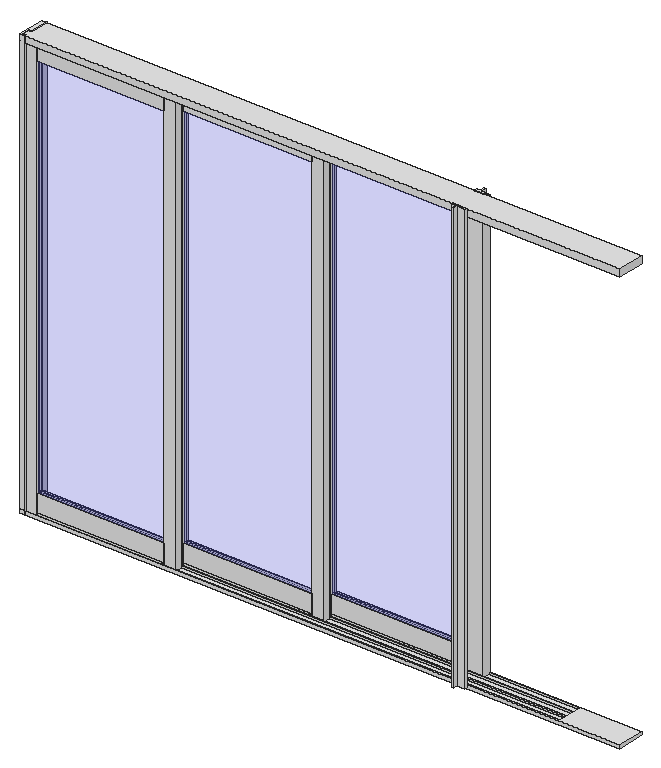
Revit family "Door-Sliding-All_Weather-Series_8100-Pocket", category Doors, host Wall, Revit 2026 (continued)
Definition of nested family "Nested-Panel-All_Weather-Series_8100"
  Definition of nested family "Detail-All_Weather-Series_8100_Post_Left"
    Lines and regions (in)
      Masking region 8, in view "Ref. Level", detail levels medium+fine
        outline origin (0, 0, 0) x (1, 0, 0) y (0, 1, 0)
          loop
            line (-0.05572, 2.43889) -> (-0.01362, 2.43889) -> (-0.01362, 1.69351) -> (1.16783, 1.69351) -> (1.16783, 2.43965) -> (1.21484, 2.43965)
            arc (1.21484, 2.43965) -> (1.17568, 2.53522) -> (1.0803, 2.57487) r 0.13454
            line (1.0803, 2.57487) -> (1.0803, 1.81765) -> (0.08044, 1.81765) -> (0.08044, 2.575)
            arc (0.08044, 2.575) -> (-0.01582, 2.53514) -> (-0.05572, 2.43889) r 0.13616
      Masking region 9, in view "Ref. Level", detail levels fine
        outline origin (0, 0, 0) x (1, 0, 0) y (0, 1, 0)
          loop
            line (1.52763, 0.30972) -> (1.27765, 0.32336) -> (1.27765, 0.26992) -> (1.24638, 0.26992) -> (1.24638, 0.45492) -> (1.27765, 0.45492) -> (1.27765, 0.40148) -> (1.52372, 0.4149) -> (1.52372, 0.30993)
    Dimensions and locks (in)
      plane 4 "Top" to plane 3 "Glass Intersection" = 0' - 0.67081"
      "Thickness": plane 5 "Front" to plane 6 "Back"
      locked: plane 5 "Front" to plane 7 "Glass Front" at 0.24827
      "Glass Thickness": plane 7 "Glass Front" to plane 8 "Glass Back"
      Masking region 3 sketch curve to Masking region 3 sketch curve to Masking region 3 sketch curve to Masking region 3 sketch curve to plane 4 "Top" = 0' - 0.014" locked, 0' - 0.283" locked, 0' - 0.014" locked, 0' - 0.31121"
      plane 7 "Glass Front" to Masking region 3 sketch curve to Masking region 3 sketch curve to Masking region 3 sketch curve to Masking region 3 sketch curve = 0' - 0.2109" locked, 0' - 0.014" locked, 0' - 0.55189" locked, 0' - 0.014" locked
      plane 7 "Glass Front" to Masking region 2 sketch curve to Masking region 2 sketch curve to Masking region 2 sketch curve to Masking region 2 sketch curve = 0' - 0.17884" locked, 0' - 0.03206" locked, 0' - 0.57989" locked, 0' - 0.03206" locked
      plane 4 "Top" to Masking region 2 sketch curve to Masking region 2 sketch curve to Masking region 2 sketch curve to Masking region 2 sketch curve = 0' - 0.42721" locked, 0' - 0" locked, 0' - 0.195" locked, 0' - 0.03038" locked
      plane 7 "Glass Front" to Masking region 1 sketch curve to Masking region 1 sketch curve to Masking region 1 sketch curve to Masking region 1 sketch curve = 0' - 0" locked, 0' - 0.17884" locked, 0' - 0.64232" locked, 0' - 0.17884" locked
      Masking region 1 sketch curve to Masking region 1 sketch curve to plane 4 "Top" to Masking region 1 sketch curve to Masking region 1 sketch curve = 0' - 0" locked, 0' - 0 1/2" locked, 0' - 0.67081" locked, 0' - 0" locked
      plane 1 "Center (Front/Back)" to plane 4 "Top" = 0' - 2 79/128"
      "Height": plane 4 "Top" to plane 1 "Center (Front/Back)"
      locked: plane 4 "Top" to plane 3 "Glass Intersection" at 0.67081
      plane 4 "Top" to Masking region 5 sketch curve to Masking region 5 sketch curve to Masking region 5 sketch curve = 0' - 1.97332" locked, 0' - 0.37551" locked, 0' - 0.16896" locked
      plane 5 "Front" to Masking region 5 sketch curve to Masking region 5 sketch curve to Masking region 5 sketch curve = 0' - 0.09939" locked, 0' - 1.20858" locked, 0' - 0.08349" locked
      plane 4 "Top" to Masking region 6 sketch curve to Masking region 6 sketch curve to Masking region 6 sketch curve to Masking region 6 sketch curve to Masking region 6 sketch curve to Masking region 6 sketch curve to Masking region 6 sketch curve to Masking region 6 sketch curve to Masking region 6 sketch curve to Masking region 6 sketch curve to Masking region 6 sketch curve to Masking region 6 sketch curve to Masking region 6 sketch curve to Masking region 6 sketch curve to Masking region 6 sketch curve to Masking region 6 sketch curve to Masking region 6 sketch curve to Masking region 6 sketch curve to Masking region 6 sketch curve to Masking region 6 sketch curve to Masking region 6 sketch curve to Masking region 6 sketch curve to Masking region 6 sketch curve to Masking region 6 sketch curve to Masking region 6 sketch curve to Masking region 6 sketch curve to Masking region 6 sketch curve to Masking region 6 sketch curve to Masking region 6 sketch curve to Masking region 6 sketch curve to Masking region 6 sketch curve to Masking region 6 sketch curve to Masking region 6 sketch curve to Masking region 6 sketch curve to Masking region 6 sketch curve to Masking region 6 sketch curve to Masking region 6 sketch curve to Masking region 6 sketch curve to Masking region 6 sketch curve to Masking region 6 sketch curve to Masking region 6 sketch curve to Masking region 6 sketch curve to Masking region 6 sketch curve to Masking region 6 sketch curve to Masking region 6 sketch curve to Masking region 6 sketch curve to Masking region 6 sketch curve to Masking region 6 sketch curve to Masking region 6 sketch curve to Masking region 6 sketch curve to Masking region 6 sketch curve = 0' - 0.80725" locked, 0' - 0.01406" locked, 0' - 0.0507" locked, 0' - 0" locked, 0' - 0.01004" locked, 0' - 0.02545" locked, 0' - 0" locked, 0' - 0.00976" locked, 0' - 0" locked, 0' - 0.00711" locked, 0' - 0" locked, 0' - 0.00129" locked, 0' - 0" locked, 0' - 0.00225" locked, 0' - 0" locked, 0' - 0.01711" locked, 0' - 0" locked, 0' - 0.00351" locked, 0' - 0" locked, 0' - 0.02027" locked, 0' - 0" locked, 0' - 0.01002" locked, 0' - 0.01153" locked, 0' - 0" locked, 0' - 0.01711" locked, 0' - 0" locked, 0' - 0.0035" locked, 0' - 0" locked, 0' - 0.00656" locked, 0' - 0.00198" locked, 0' - 0.03646" locked, 0' - 0.00627" locked, 0' - 0" locked, 0' - 0.04882" locked, 0' - 0.01723" locked, 0' - 0.02601" locked, 0' - 0.00415", 0' - 0.07129", 0' - 0.33521", 0' - 0.07129" locked, 0' - 0.00415" locked, 0' - 0.02601" locked, 0' - 0.01723" locked, 0' - 0.05509", 0' - 0.03646", 0' - 0.00198" locked, 0' - 0.0387", 0' - 0.03029", 0' - 0" locked, 0' - 0.02286", 0' - 0" locked
      plane 5 "Front" to Masking region 6 sketch curve to Masking region 6 sketch curve to Masking region 6 sketch curve to Masking region 6 sketch curve to Masking region 6 sketch curve to Masking region 6 sketch curve to Masking region 6 sketch curve to Masking region 6 sketch curve to Masking region 6 sketch curve to Masking region 6 sketch curve to Masking region 6 sketch curve to Masking region 6 sketch curve to Masking region 6 sketch curve to Masking region 6 sketch curve to Masking region 6 sketch curve to Masking region 6 sketch curve to Masking region 6 sketch curve to Masking region 6 sketch curve to Masking region 6 sketch curve to Masking region 6 sketch curve to Masking region 6 sketch curve to Masking region 6 sketch curve to Masking region 6 sketch curve to Masking region 6 sketch curve to Masking region 6 sketch curve to Masking region 6 sketch curve to Masking region 6 sketch curve to Masking region 6 sketch curve to Masking region 6 sketch curve to Masking region 6 sketch curve to Masking region 6 sketch curve to Masking region 6 sketch curve to Masking region 6 sketch curve to Masking region 6 sketch curve to Masking region 6 sketch curve to Masking region 6 sketch curve to Masking region 6 sketch curve to Masking region 6 sketch curve to Masking region 6 sketch curve to Masking region 6 sketch curve to Masking region 6 sketch curve to Masking region 6 sketch curve to Masking region 6 sketch curve to Masking region 6 sketch curve to Masking region 6 sketch curve to Masking region 6 sketch curve to Masking region 6 sketch curve to Masking region 6 sketch curve to Masking region 6 sketch curve to Masking region 6 sketch curve to Masking region 6 sketch curve to Masking region 6 sketch curve = 0' - 0.19863" locked, 0' - 0" locked, 0' - 0.02286" locked, 0' - 0" locked, 0' - 0.03029" locked, 0' - 0.0387" locked, 0' - 0.00198" locked, 0' - 0.03646" locked, 0' - 0.05509" locked, 0' - 0.01723" locked, 0' - 0.02601" locked, 0' - 0.00415" locked, 0' - 0.07129" locked, 0' - 0.33521" locked, 0' - 0.07129", 0' - 0.00415", 0' - 0.02601", 0' - 0.01723" locked, 0' - 0.05509", 0' - 0.03646" locked, 0' - 0.00198" locked, 0' - 0.0387", 0' - 0.03029" locked, 0' - 0" locked, 0' - 0.02286" locked, 0' - 0" locked, 0' - 0.08978" locked, 0' - 0" locked, 0' - 0.05126" locked, 0' - 0" locked, 0' - 0.0035" locked, 0' - 0" locked, 0' - 0.01711" locked, 0' - 0" locked, 0' - 0.02155" locked, 0' - 0" locked, 0' - 0.02378" locked, 0' - 0" locked, 0' - 0.01711" locked, 0' - 0" locked, 0' - 0.00354" locked, 0' - 0" locked, 0' - 0.00711" locked, 0' - 0" locked, 0' - 0.00976" locked, 0' - 0" locked, 0' - 0.02545" locked, 0' - 0.01004" locked, 0' - 0" locked, 0' - 0.0507" locked, 0' - 0" locked, 0' - 0.01406" locked
      locked: Masking region 7 sketch curve to plane 6 "Back" at 0.40021
      plane 5 "Front" to Masking region 8 sketch curve to Masking region 8 sketch curve to Masking region 8 sketch curve to Masking region 8 sketch curve to Masking region 8 sketch curve to Masking region 8 sketch curve = 0' - 0.11225" locked, 0' - 0.0421" locked, 0' - 0.09407" locked, 0' - 0.99986" locked, 0' - 0.08753" locked, 0' - 0.04701" locked
      Masking region 8 sketch curve to Masking region 8 sketch curve to plane 4 "Top" to Masking region 8 sketch curve to Masking region 8 sketch curve to Masking region 8 sketch curve to Masking region 8 sketch curve = 0' - 0.00013" locked, 0' - 0.07487" locked, 0' - 0.06035" locked, 0' - 0.00075" locked, 0' - 0.62125" locked, 0' - 0.12414" locked
      plane 4 "Top" to Masking region 4 sketch curve to Masking region 4 sketch curve to Masking region 4 sketch curve to Masking region 4 sketch curve to Masking region 4 sketch curve to Masking region 4 sketch curve to Masking region 4 sketch curve to Masking region 4 sketch curve to Masking region 4 sketch curve to Masking region 4 sketch curve to Masking region 4 sketch curve to Masking region 4 sketch curve to Masking region 4 sketch curve to Masking region 4 sketch curve to Masking region 4 sketch curve to Masking region 4 sketch curve to Masking region 4 sketch curve to Masking region 4 sketch curve to Masking region 4 sketch curve to Masking region 4 sketch curve to Masking region 4 sketch curve to Masking region 4 sketch curve to Masking region 4 sketch curve to Masking region 4 sketch curve to Masking region 4 sketch curve to Masking region 4 sketch curve to Masking region 4 sketch curve to Masking region 4 sketch curve to Masking region 4 sketch curve to Masking region 4 sketch curve to Masking region 4 sketch curve to Masking region 4 sketch curve to Masking region 4 sketch curve to Masking region 4 sketch curve to Masking region 4 sketch curve to Masking region 4 sketch curve to Masking region 4 sketch curve to Masking region 4 sketch curve to Masking region 4 sketch curve to Masking region 4 sketch curve to Masking region 4 sketch curve to Masking region 4 sketch curve to Masking region 4 sketch curve to Masking region 4 sketch curve to Masking region 4 sketch curve to Masking region 4 sketch curve to Masking region 4 sketch curve to Masking region 4 sketch curve to Masking region 4 sketch curve to Masking region 4 sketch curve to Masking region 4 sketch curve to Masking region 4 sketch curve to Masking region 4 sketch curve to Masking region 4 sketch curve to Masking region 4 sketch curve to Masking region 4 sketch curve to Masking region 4 sketch curve to Masking region 4 sketch curve to Masking region 4 sketch curve to Masking region 4 sketch curve to Masking region 4 sketch curve to Masking region 4 sketch curve to Masking region 4 sketch curve to Masking region 4 sketch curve to Masking region 4 sketch curve to Masking region 4 sketch curve to Masking region 4 sketch curve to Masking region 4 sketch curve to Masking region 4 sketch curve to Masking region 4 sketch curve to Masking region 4 sketch curve to Masking region 4 sketch curve to Masking region 4 sketch curve to Masking region 4 sketch curve to Masking region 4 sketch curve to Masking region 4 sketch curve = 0' - 0.01263" locked, 0' - 0.01062" locked, 0' - 0.03786" locked, 0' - 0" locked, 0' - 0.02" locked, 0' - 0.04682" locked, 0' - 0.00276" locked, 0' - 0.03114" locked, 0' - 0" locked, 0' - 0.0601" locked, 0' - 0" locked, 0' - 0.0339" locked, 0' - 0" locked, 0' - 0.0601" locked, 0' - 0" locked, 0' - 0.0339" locked, 0' - 0" locked, 0' - 0.0601" locked, 0' - 0" locked, 0' - 0.0339" locked, 0' - 0" locked, 0' - 0.0601" locked, 0' - 0" locked, 0' - 0.0339" locked, 0' - 0" locked, 0' - 0.06328" locked, 0' - 0" locked, 0' - 0.20227" locked, 0' - 0.00312" locked, 0' - 0.04597" locked, 0' - 0" locked, 0' - 0.07252" locked, 0' - 0" locked, 0' - 0.00984" locked, 0' - 0.06415" locked, 0' - 0.00388" locked, 0' - 0.02979" locked, 0' - 0.01064" locked, 0' - 0.00783" locked, 0' - 0.00434" locked, 0' - 0.00947" locked, 0' - 0.02985" locked, 0' - 0.02396" locked, 0' - 0.02064" locked, 0' - 0.01001" locked, 0' - 0.0153" locked, 0' - 0" locked, 0' - 0.07255" locked, 0' - 0" locked, 0' - 0" locked, 0' - 0.0083" locked, 0' - 0.04403" locked, 0' - 0" locked, 0' - 0.07517" locked, 0' - 0" locked, 0' - 0" locked, 0' - 0" locked, 0' - 0.39288" locked, 0' - 0.00786" locked, 0' - 0.01065" locked, 0' - 0.01831" locked, 0' - 0.0125" locked, 0' - 0.03585" locked, 0' - 0.00285" locked, 0' - 0.02831" locked, 0' - 0" locked, 0' - 0" locked, 0' - 0.05668" locked, 0' - 0.10017" locked, 0' - 0.04969" locked, 0' - 0.11927" locked, 0' - 0.04969" locked, 0' - 0.26835" locked, 0' - 0.02776" locked, 0' - 0.00003" locked, 0' - 0.07201" locked
      Masking region 4 sketch curve to plane 5 "Front" to Masking region 4 sketch curve to Masking region 4 sketch curve to Masking region 4 sketch curve to Masking region 4 sketch curve to Masking region 4 sketch curve to Masking region 4 sketch curve to Masking region 4 sketch curve to Masking region 4 sketch curve to Masking region 4 sketch curve to Masking region 4 sketch curve to Masking region 4 sketch curve to Masking region 4 sketch curve to Masking region 4 sketch curve to Masking region 4 sketch curve to Masking region 4 sketch curve to Masking region 4 sketch curve to Masking region 4 sketch curve to Masking region 4 sketch curve to Masking region 4 sketch curve to Masking region 4 sketch curve to Masking region 4 sketch curve to Masking region 4 sketch curve to Masking region 4 sketch curve to Masking region 4 sketch curve to Masking region 4 sketch curve to Masking region 4 sketch curve to Masking region 4 sketch curve to Masking region 4 sketch curve to Masking region 4 sketch curve to Masking region 4 sketch curve to Masking region 4 sketch curve to Masking region 4 sketch curve to Masking region 4 sketch curve to Masking region 4 sketch curve to Masking region 4 sketch curve to Masking region 4 sketch curve to Masking region 4 sketch curve to Masking region 4 sketch curve to Masking region 4 sketch curve to Masking region 4 sketch curve to Masking region 4 sketch curve to Masking region 4 sketch curve to Masking region 4 sketch curve to Masking region 4 sketch curve to Masking region 4 sketch curve to Masking region 4 sketch curve to Masking region 4 sketch curve to Masking region 4 sketch curve to Masking region 4 sketch curve to Masking region 4 sketch curve to Masking region 4 sketch curve to Masking region 4 sketch curve to Masking region 4 sketch curve to Masking region 4 sketch curve to Masking region 4 sketch curve to Masking region 4 sketch curve to Masking region 4 sketch curve to Masking region 4 sketch curve to Masking region 4 sketch curve to Masking region 4 sketch curve to Masking region 4 sketch curve to Masking region 4 sketch curve to Masking region 4 sketch curve to Masking region 4 sketch curve to Masking region 4 sketch curve to Masking region 4 sketch curve to Masking region 4 sketch curve to Masking region 4 sketch curve to Masking region 4 sketch curve to Masking region 4 sketch curve to Masking region 4 sketch curve to Masking region 4 sketch curve to Masking region 4 sketch curve to Masking region 4 sketch curve to Masking region 4 sketch curve to Masking region 4 sketch curve to Masking region 4 sketch curve to Masking region 4 sketch curve to Masking region 4 sketch curve to Masking region 4 sketch curve to Masking region 4 sketch curve = 0' - 0.00008" locked, 0' - 0.0359" locked, 0' - 0.03606" locked, 0' - 0.02743" locked, 0' - 0.05308" locked, 0' - 0" locked, 0' - 0" locked, 0' - 0" locked, 0' - 0" locked, 0' - 0.00188" locked, 0' - 0.012" locked, 0' - 0.02" locked, 0' - 0.00969" locked, 0' - 0" locked, 0' - 0" locked, 0' - 0" locked, 0' - 0.00231" locked, 0' - 0.00072" locked, 0' - 0.09784" locked, 0' - 0.00212" locked, 0' - 0.00415" locked, 0' - 0.02031" locked, 0' - 0.01893" locked, 0' - 0.00682" locked, 0' - 0.01748" locked, 0' - 0.05507" locked, 0' - 0.00106" locked, 0' - 0.06668" locked, 0' - 0.01343" locked, 0' - 0.04776" locked, 0' - 0.00188" locked, 0' - 0.29793" locked, 0' - 0.07951" locked, 0' - 0.00941" locked, 0' - 0.00189" locked, 0' - 0.06262" locked, 0' - 0.0062" locked, 0' - 0.00485" locked, 0' - 0.01906" locked, 0' - 0.00687" locked, 0' - 0.0297" locked, 0' - 0.00106" locked, 0' - 0.06648" locked, 0' - 0.00607" locked, 0' - 0.00682" locked, 0' - 0.00189" locked, 0' - 0.03081" locked, 0' - 0.0107" locked, 0' - 0.0408" locked, 0' - 0.00122" locked, 0' - 0.00047" locked, 0' - 0.05479" locked, 0' - 0.00111" locked, 0' - 0.00702" locked, 0' - 0.00231" locked, 0' - 0" locked, 0' - 0" locked, 0' - 0" locked, 0' - 0.00183" locked, 0' - 0.02" locked, 0' - 0.01178" locked, 0' - 0.00995" locked, 0' - 0" locked, 0' - 0" locked, 0' - 0" locked, 0' - 0" locked, 0' - 0.0362" locked, 0' - 0.00013" locked, 0' - 0.02528" locked, 0' - 0.03526" locked, 0' - 0.00064" locked, 0' - 0.01182" locked, 0' - 0.00197" locked, 0' - 0" locked, 0' - 0.03336" locked, 0' - 0.00044" locked, 0' - 0" locked, 0' - 0.27469" locked, 0' - 0.05308" locked, 0' - 0.00916" locked, 0' - 0.03931" locked, 0' - 0.02354" locked
      Masking region 9 sketch curve to Masking region 9 sketch curve to Masking region 9 sketch curve to Masking region 9 sketch curve to plane 6 "Back" = 0' - 0 1/32" locked, 0' - 0" locked, 0' - 0 63/256" locked, 0' - 0.19894" locked
      Masking region 9 sketch curve to Masking region 9 sketch curve to Masking region 9 sketch curve to Masking region 9 sketch curve to plane 1 "Center (Front/Back)" = 0' - 0.05344" locked, 0' - 0 5/64" locked, 0' - 0.05344" locked, 0' - 0.38711" locked
      aligned and locked: Masking region 7 sketch curve to plane 4 "Top"
      aligned and locked: Masking region 7 sketch curve to plane 5 "Front"
      aligned and locked: Masking region 7 sketch curve to plane 1 "Center (Front/Back)"
    Automatic sketch dimensions
      Masking region 6 sketch curve to plane 7 "Glass Front" = 0' - 0.04445"
      Masking region 6 sketch curve to Masking region 6 sketch curve = 0' - 0.0008"  (x2)
      Masking region 6 sketch curve to Masking region 6 sketch curve = 0' - 0.00106"
      Masking region 6 sketch curve to Masking region 6 sketch curve = 0' - 0.0315"  (x2)
      Masking region 6 sketch curve to Masking region 6 sketch curve = 0' - 0.01575"  (x2)
      Masking region 6 sketch curve to Masking region 6 sketch curve = 0' - 0.03937"
      Masking region 6 sketch curve to Masking region 6 sketch curve = 0' - 0"  (x8)
      Masking region 4 sketch curve to Masking region 4 sketch curve = 0' - 0.01745"
      Masking region 4 sketch curve to Masking region 4 sketch curve = 0' - 0.04029"
      Masking region 4 sketch curve to plane 5 "Front" = 0' - 0.05795"
      Masking region 4 sketch curve to Masking region 4 sketch curve = 0' - 0.00117"
      Masking region 4 sketch curve to Masking region 4 sketch curve = 0' - 0.03931"
      Masking region 4 sketch curve to plane 3 "Glass Intersection" = 0' - 0.1279"
      Masking region 4 sketch curve to Masking region 4 sketch curve = 0' - 0 1/256"
      Masking region 9 sketch curve to Masking region 9 sketch curve = 0' - 0 1/256"
      Masking region 9 sketch curve to Masking region 9 sketch curve = 0' - 0.00021"
      Masking region 9 sketch curve to Masking region 9 sketch curve = 0' - 0.01342"
  Definition of nested family "Detail-All_Weather-Series_8100_Door_Footer"
    Parameters (values of type "Door Footer")
      URL = "https://www.allweatheraa.com/"
      Type Comments = "3 in Ultraglide Rollers"  # constant formula
      Thickness = 0' - 1 1/2"  # constant formula
      Specification = ""
      Profile Offset = 0' - 1 9/256"  # constant formula
      Product Page URL = "https://www.allweatheraa.com/doors/series-8100-sliding-doors/"
      Product Name = "Series 8100"  # constant formula
      Product Documentation Link = "https://www.allweatheraa.com/download/4291/"
      Nail Fin Offset = 0' - 1 33/128"  # constant formula
      Model = "Sliding Door"  # constant formula
      Manufacturer = "All Weather Architectural Aluminum"  # constant formula
      Height = 0' - 4 109/128"  # constant formula
      Glass Thickness = 0' - 1"  # constant formula
      Glass = no
      Description = ""
      Assembly Code = "B2020100"
    Reference planes (in)
      plane 1 "Center (Front/Back)": y = -2.95639
      plane 2: z = 0
      plane 3 "Glass Intersection": y = 1.839
      plane 4 "Top": y = 2.5
      plane 5 "Front": x = -1.41797
      plane 6 "Back": x = 0.08203
      plane 7 "Glass Front": x = -1.16934
      plane 8 "Glass Back": x = -0.16934
    Lines and regions (in)
      Masking region 1, in view "Ref. Level", visible <- "Glass", detail levels fine
        outline origin (-0.66605, -0.0985, 0) x (1, 0, 0) y (0, 1, 0)
          loop
            line (-0.50329, 3.0985) -> (-0.50329, 1.9375) -> (-0.32445, 1.9375) -> (-0.32445, 3.0985) -> (-0.50329, 3.0985)
          loop
            line (0.49671, 3.0985) -> (0.31787, 3.0985) -> (0.31787, 1.9375) -> (0.49671, 1.9375) -> (0.49671, 3.0985)
      Masking region 2, in view "Ref. Level", detail levels fine
        outline origin (-0.66605, -0.0985, 0) x (1, 0, 0) y (0, 1, 0)
          loop
            line (-0.32445, 1.95572) -> (0.31955, 1.95572) -> (0.31955, 2.1811) -> (0.28749, 2.1811) -> (0.28749, 1.9861) -> (-0.2924, 1.9861) -> (-0.2924, 2.1811) -> (-0.32445, 2.1811) -> (-0.32445, 1.95572)
      Masking region 3, in view "Ref. Level", detail levels fine
        outline origin (-0.66605, -0.0985, 0) x (1, 0, 0) y (0, 1, 0)
          loop
            line (-0.2924, 2.2971) -> (-0.2924, 1.9861) -> (0.28749, 1.9861) -> (0.28749, 2.2971) -> (-0.2924, 2.2971)
          loop
            line (0.27349, 2.2831) -> (-0.2784, 2.2831) -> (-0.2784, 2.0001) -> (0.27349, 2.0001) -> (0.27349, 2.2831)
      Masking region 4, in view "Ref. Level", detail levels medium+fine
        outline origin (-0.99512, 0, 0) x (1, 0, 0) y (0, 1, 0)
          loop
            line (-0.30079, -1.41548) -> (-0.22018, -1.36894) -> (-0.14111, -1.49126) -> (-0.28485, -1.48594) -> (-0.28485, -1.88274) -> (-0.32885, -1.94057) -> (-0.32885, -2.25903) -> (-0.28091, -2.25903) -> (-0.28091, -2.63174) -> (-0.37385, -2.63174)
            arc (-0.37385, -2.63174) -> (-0.4085, -2.61739) -> (-0.42285, -2.58274) r 0.049
            line (-0.42285, -2.58274) -> (-0.42285, 2.5) -> (-0.23485, 2.5) -> (-0.23485, 2.43191) -> (-0.26871, 2.43191) -> (-0.26871, 2.40107) -> (-0.2192, 2.3378) -> (-0.26871, 2.3378) -> (-0.26871, 2.30707) -> (-0.2192, 2.2438) -> (-0.26871, 2.2438) -> (-0.26871, 2.21307) -> (-0.2192, 2.1498) -> (-0.26871, 2.1498) -> (-0.26871, 2.11907) -> (-0.2192, 2.0558) -> (-0.26871, 2.0558) -> (-0.26871, 2.02507) -> (-0.2192, 1.9618) -> (-0.30079, 1.9618) -> (-0.30079, 1.74571) -> (-0.14111, 1.75162) -> (-0.22037, 1.62901) -> (-0.3021, 1.69258) -> (-0.3021, 1.48338) -> (-0.20382, 1.54011) -> (-0.20382, 1.43539) -> (0.03531, 1.43539) -> (0.03531, 1.31115) -> (-0.28485, 1.31115) -> (-0.28485, -0.92564) -> (0.18463, -0.92564) -> (0.18463, -1.04987) -> (-0.28485, -1.04987) -> (-0.28485, -1.14199) -> (-0.20252, -1.18952) -> (-0.20252, -1.28034) -> (-0.30079, -1.2236) -> (-0.30079, -1.42069)
          loop
            line (0.95511, -1.41548) -> (0.8745, -1.36894) -> (0.79543, -1.49126) -> (0.93917, -1.48594) -> (0.93917, -1.88274) -> (0.98317, -1.94057) -> (0.98317, -2.25903) -> (0.93523, -2.25903) -> (0.93523, -2.63174) -> (1.02817, -2.63174)
            arc (1.02817, -2.63174) -> (1.06282, -2.61739) -> (1.07717, -2.58274) r 0.049
            line (1.07717, -2.58274) -> (1.07717, 2.5) -> (0.88917, 2.5) -> (0.88917, 2.43191) -> (0.92303, 2.43191) -> (0.92303, 2.40107) -> (0.87352, 2.3378) -> (0.92303, 2.3378) -> (0.92303, 2.30707) -> (0.87352, 2.2438) -> (0.92303, 2.2438) -> (0.92303, 2.21307) -> (0.87352, 2.1498) -> (0.92303, 2.1498) -> (0.92303, 2.11907) -> (0.87352, 2.0558) -> (0.92303, 2.0558) -> (0.92303, 2.02507) -> (0.87352, 1.9618) -> (0.95511, 1.9618) -> (0.95511, 1.75162) -> (0.79543, 1.75162) -> (0.87469, 1.62901) -> (0.95641, 1.69258) -> (0.95641, 1.48338) -> (0.85814, 1.54011) -> (0.85814, 1.43539) -> (0.61792, 1.43539) -> (0.61792, 1.31115) -> (0.93917, 1.31115) -> (0.93917, -0.92564) -> (0.46969, -0.92564) -> (0.46969, -1.04987) -> (0.93917, -1.04987) -> (0.93917, -1.14199) -> (0.85684, -1.18952) -> (0.85684, -1.28034) -> (0.95511, -1.2236) -> (0.95511, -1.42069)
      Masking region 5, in view "Ref. Level", detail levels fine
        outline origin (-0.99512, 0.0378, 0) x (1, 0, 0) y (0, 1, 0)
          loop
            arc (-0.17289, 1.57958) -> (-0.19836, 1.58294) -> (-0.2221, 1.59277) r 0.09843
            line (-0.2221, 1.59277) -> (-0.3021, 1.63895) -> (-0.3021, 1.44557) -> (-0.20642, 1.50081)
            arc (-0.20642, 1.50081) -> (-0.19002, 1.50511) -> (-0.17312, 1.50656) r 0.0993
            line (-0.17312, 1.50656) -> (0.82484, 1.50656)
            arc (0.82484, 1.50656) -> (0.84173, 1.50511) -> (0.85814, 1.50081) r 0.0993
            line (0.85814, 1.50081) -> (0.95381, 1.44557) -> (0.95381, 1.63895) -> (0.87382, 1.59277)
            arc (0.87382, 1.59277) -> (0.85008, 1.58294) -> (0.8246, 1.57958) r 0.09843
            line (0.8246, 1.57958) -> (-0.17289, 1.57958)
      Masking region 6, in view "Ref. Level", detail levels fine
        outline origin (-0.99381, -2.86441, 0) x (1, 0, 0) y (0, 1, 0)
          loop
            arc (-0.17289, 1.57958) -> (-0.19836, 1.58294) -> (-0.2221, 1.59277) r 0.09843
            line (-0.2221, 1.59277) -> (-0.3021, 1.63895) -> (-0.3021, 1.44557) -> (-0.20642, 1.50081)
            arc (-0.20642, 1.50081) -> (-0.19002, 1.50511) -> (-0.17312, 1.50656) r 0.0993
            line (-0.17312, 1.50656) -> (0.82484, 1.50656)
            arc (0.82484, 1.50656) -> (0.84173, 1.50511) -> (0.85814, 1.50081) r 0.0993
            line (0.85814, 1.50081) -> (0.95381, 1.44557) -> (0.95381, 1.63895) -> (0.87382, 1.59277)
            arc (0.87382, 1.59277) -> (0.85008, 1.58294) -> (0.8246, 1.57958) r 0.09843
            line (0.8246, 1.57958) -> (-0.17289, 1.57958)
      Masking region 7, in view "Ref. Level", detail levels fine
        outline origin (0, 0, 0) x (1, 0, 0) y (0, 1, 0)
          loop
            circle (-0.66797, -1.01731) r 0.16435
          loop
            circle (-0.66797, -0.08602) r 0.30189
          loop
            circle (-0.66797, 0.80223) r 0.16435
      Masking region 8, in view "Ref. Level", detail levels coarse
        outline origin (0, 0, 0) x (1, 0, 0) y (0, 1, 0)
          loop
            line (-1.41797, 2.5) -> (-1.41797, -2.63174) -> (0.08203, -2.63174) -> (0.08203, 2.5) -> (-1.41797, 2.5)
    Dimensions and locks (in)
      plane 4 "Top" to plane 3 "Glass Intersection" = 0' - 0.661"  (x2)
      "Thickness": plane 5 "Front" to plane 6 "Back"
      locked: plane 5 "Front" to plane 7 "Glass Front" at 0.24862
      "Glass Thickness": plane 7 "Glass Front" to plane 8 "Glass Back"
      Masking region 3 sketch curve to Masking region 3 sketch curve to Masking region 3 sketch curve to Masking region 3 sketch curve to plane 4 "Top" = 0' - 0.014" locked, 0' - 0.283" locked, 0' - 0.014" locked, 0' - 0.3014" locked
      plane 7 "Glass Front" to Masking region 3 sketch curve to Masking region 3 sketch curve to Masking region 3 sketch curve to Masking region 3 sketch curve = 0' - 0.2109" locked, 0' - 0.014" locked, 0' - 0.55189" locked, 0' - 0.014" locked
      plane 7 "Glass Front" to Masking region 2 sketch curve to Masking region 2 sketch curve to Masking region 2 sketch curve to Masking region 2 sketch curve = 0' - 0.17884" locked, 0' - 0.03206" locked, 0' - 0.57989" locked, 0' - 0.03206" locked
      plane 4 "Top" to Masking region 2 sketch curve to Masking region 2 sketch curve to Masking region 2 sketch curve to Masking region 2 sketch curve = 0' - 0.4174" locked, 0' - 0" locked, 0' - 0.195" locked, 0' - 0.03038" locked
      plane 7 "Glass Front" to Masking region 1 sketch curve to Masking region 1 sketch curve to Masking region 1 sketch curve to Masking region 1 sketch curve = 0' - 0" locked, 0' - 0.17884" locked, 0' - 0.64232" locked, 0' - 0.17884" locked
      Masking region 1 sketch curve to Masking region 1 sketch curve to plane 4 "Top" to Masking region 1 sketch curve to Masking region 1 sketch curve = 0' - 0" locked, 0' - 0 1/2" locked, 0' - 0.661" locked, 0' - 0" locked
      plane 1 "Center (Front/Back)" to plane 4 "Top" = 0' - 5.45639"
      plane 4 "Top" to plane 1 "Center (Front/Back)" = 0' - 5.45639"
      plane 5 "Front" to Masking region 5 sketch curve to Masking region 5 sketch curve to Masking region 5 sketch curve to Masking region 5 sketch curve to Masking region 5 sketch curve to Masking region 5 sketch curve to Masking region 5 sketch curve to Masking region 5 sketch curve to Masking region 5 sketch curve to Masking region 5 sketch curve = 0' - 0.12076", 0' - 0.07999" locked, 0' - 0.01568" locked, 0' - 0.0333" locked, 0' - 0.00023" locked, 0' - 0.99749" locked, 0' - 0.00023" locked, 0' - 0.0333" locked, 0' - 0.01568" locked, 0' - 0.07999" locked
      plane 4 "Top" to Masking region 5 sketch curve to Masking region 5 sketch curve to Masking region 5 sketch curve to Masking region 5 sketch curve to Masking region 5 sketch curve to Masking region 5 sketch curve to Masking region 5 sketch curve to Masking region 5 sketch curve to Masking region 5 sketch curve to Masking region 5 sketch curve = 0' - 0.82324" locked, 0' - 0" locked, 0' - 0.04618" locked, 0' - 0" locked, 0' - 0.01319" locked, 0' - 0.07302" locked, 0' - 0.00575" locked, 0' - 0" locked, 0' - 0.05524" locked, 0' - 0" locked
      plane 5 "Front" to Masking region 6 sketch curve to Masking region 6 sketch curve to Masking region 6 sketch curve to Masking region 6 sketch curve to Masking region 6 sketch curve to Masking region 6 sketch curve to Masking region 6 sketch curve to Masking region 6 sketch curve to Masking region 6 sketch curve to Masking region 6 sketch curve = 0' - 0.12206", 0' - 0.07999" locked, 0' - 0.01568" locked, 0' - 0.0333" locked, 0' - 0.00023" locked, 0' - 0.99749" locked, 0' - 0.00023" locked, 0' - 0.0333" locked, 0' - 0.01568" locked, 0' - 0.07999" locked
      plane 4 "Top" to Masking region 6 sketch curve to Masking region 6 sketch curve to Masking region 6 sketch curve to Masking region 6 sketch curve to Masking region 6 sketch curve to Masking region 6 sketch curve to Masking region 6 sketch curve = 0' - 3.72546" locked, 0' - 0.04618" locked, 0' - 0" locked, 0' - 0.01319" locked, 0' - 0.07877" locked, 0' - 0" locked, 0' - 0.05524" locked
      Masking region 4 sketch curve to plane 5 "Front" to Masking region 4 sketch curve to Masking region 4 sketch curve to Masking region 4 sketch curve to Masking region 4 sketch curve to Masking region 4 sketch curve to Masking region 4 sketch curve to Masking region 4 sketch curve to Masking region 4 sketch curve to Masking region 4 sketch curve to Masking region 4 sketch curve to Masking region 4 sketch curve to Masking region 4 sketch curve to Masking region 4 sketch curve to Masking region 4 sketch curve to Masking region 4 sketch curve to Masking region 4 sketch curve to Masking region 4 sketch curve to Masking region 4 sketch curve to Masking region 4 sketch curve to Masking region 4 sketch curve to Masking region 4 sketch curve to Masking region 4 sketch curve to Masking region 4 sketch curve to Masking region 4 sketch curve to Masking region 4 sketch curve to Masking region 4 sketch curve to Masking region 4 sketch curve to Masking region 4 sketch curve to Masking region 4 sketch curve to Masking region 4 sketch curve to Masking region 4 sketch curve to Masking region 4 sketch curve to Masking region 4 sketch curve to Masking region 4 sketch curve to Masking region 4 sketch curve to Masking region 4 sketch curve to Masking region 4 sketch curve to Masking region 4 sketch curve to Masking region 4 sketch curve to Masking region 4 sketch curve to Masking region 4 sketch curve to Masking region 4 sketch curve to Masking region 4 sketch curve to Masking region 4 sketch curve to Masking region 4 sketch curve to Masking region 4 sketch curve to Masking region 4 sketch curve to Masking region 4 sketch curve to Masking region 4 sketch curve to Masking region 4 sketch curve to Masking region 4 sketch curve to Masking region 4 sketch curve to Masking region 4 sketch curve to Masking region 4 sketch curve to Masking region 4 sketch curve = 0' - 0" locked, 0' - 0.049" locked, 0' - 0.045" locked, 0' - 0.02676" locked, 0' - 0.0013" locked, 0' - 0" locked, 0' - 0.01594" locked, 0' - 0" locked, 0' - 0" locked, 0' - 0.01614" locked, 0' - 0" locked, 0' - 0" locked, 0' - 0" locked, 0' - 0" locked, 0' - 0.03386" locked, 0' - 0.01448" locked, 0' - 0.00019" locked, 0' - 0.00098" locked, 0' - 0" locked, 0' - 0" locked, 0' - 0" locked, 0' - 0" locked, 0' - 0.01538" locked, 0' - 0.0013" locked, 0' - 0.06141" locked, 0' - 0" locked, 0' - 0.17642" locked, 0' - 0.14932" locked, 0' - 0.28506" locked, 0' - 0.14823" locked, 0' - 0.17751" locked, 0' - 0" locked, 0' - 0.06141" locked, 0' - 0.0013" locked, 0' - 0.01538" locked, 0' - 0" locked, 0' - 0" locked, 0' - 0" locked, 0' - 0" locked, 0' - 0.00098" locked, 0' - 0.00019" locked, 0' - 0.01448" locked, 0' - 0.03386" locked, 0' - 0" locked, 0' - 0" locked, 0' - 0" locked, 0' - 0" locked, 0' - 0.01614" locked, 0' - 0" locked, 0' - 0" locked, 0' - 0.01594" locked, 0' - 0" locked, 0' - 0.0013" locked, 0' - 0.02676" locked, 0' - 0.045" locked, 0' - 0.049" locked
      plane 4 "Top" to Masking region 4 sketch curve to Masking region 4 sketch curve to Masking region 4 sketch curve to Masking region 4 sketch curve to Masking region 4 sketch curve to Masking region 4 sketch curve to Masking region 4 sketch curve to Masking region 4 sketch curve to Masking region 4 sketch curve to Masking region 4 sketch curve to Masking region 4 sketch curve to Masking region 4 sketch curve to Masking region 4 sketch curve to Masking region 4 sketch curve to Masking region 4 sketch curve to Masking region 4 sketch curve to Masking region 4 sketch curve to Masking region 4 sketch curve to Masking region 4 sketch curve to Masking region 4 sketch curve to Masking region 4 sketch curve to Masking region 4 sketch curve to Masking region 4 sketch curve to Masking region 4 sketch curve to Masking region 4 sketch curve to Masking region 4 sketch curve to Masking region 4 sketch curve to Masking region 4 sketch curve to Masking region 4 sketch curve to Masking region 4 sketch curve to Masking region 4 sketch curve to Masking region 4 sketch curve to Masking region 4 sketch curve to Masking region 4 sketch curve to Masking region 4 sketch curve to Masking region 4 sketch curve to Masking region 4 sketch curve to Masking region 4 sketch curve to Masking region 4 sketch curve to Masking region 4 sketch curve to Masking region 4 sketch curve to Masking region 4 sketch curve to Masking region 4 sketch curve to Masking region 4 sketch curve to Masking region 4 sketch curve to Masking region 4 sketch curve to Masking region 4 sketch curve to Masking region 4 sketch curve to Masking region 4 sketch curve to Masking region 4 sketch curve to Masking region 4 sketch curve to Masking region 4 sketch curve to Masking region 4 sketch curve to Masking region 4 sketch curve to Masking region 4 sketch curve to Masking region 4 sketch curve to Masking region 4 sketch curve to Masking region 4 sketch curve to Masking region 4 sketch curve to Masking region 4 sketch curve to Masking region 4 sketch curve to Masking region 4 sketch curve to Masking region 4 sketch curve to Masking region 4 sketch curve to Masking region 4 sketch curve to Masking region 4 sketch curve to Masking region 4 sketch curve to Masking region 4 sketch curve to Masking region 4 sketch curve = 0' - 0" locked, 0' - 0" locked, 0' - 0.06809" locked, 0' - 0" locked, 0' - 0.03084" locked, 0' - 0" locked, 0' - 0.06326" locked, 0' - 0" locked, 0' - 0.03074" locked, 0' - 0" locked, 0' - 0.06326" locked, 0' - 0" locked, 0' - 0.03074" locked, 0' - 0" locked, 0' - 0.06326" locked, 0' - 0" locked, 0' - 0.03074" locked, 0' - 0" locked, 0' - 0.06326" locked, 0' - 0" locked, 0' - 0.03074" locked, 0' - 0" locked, 0' - 0.06326" locked, 0' - 0" locked, 0' - 0.21018" locked, 0' - 0" locked, 0' - 0.00591" locked, 0' - 0.05313" locked, 0' - 0" locked, 0' - 0.06357" locked, 0' - 0" locked, 0' - 0.0889" locked, 0' - 0" locked, 0' - 0.05674" locked, 0' - 0" locked, 0' - 0.04799" locked, 0' - 0" locked, 0' - 0.12424" locked, 0' - 0" locked, 0' - 2.23679" locked, 0' - 0" locked, 0' - 0.12424" locked, 0' - 0" locked, 0' - 0.09211" locked, 0' - 0" locked, 0' - 0.04753" locked, 0' - 0" locked, 0' - 0.03408" locked, 0' - 0" locked, 0' - 0.05674" locked, 0' - 0" locked, 0' - 0.0886" locked, 0' - 0" locked, 0' - 0.05175" locked, 0' - 0" locked, 0' - 0.06525" locked, 0' - 0" locked, 0' - 0.00532" locked, 0' - 0" locked, 0' - 0.39148", 0' - 0" locked, 0' - 0.05783" locked, 0' - 0" locked, 0' - 0.31846" locked, 0' - 0" locked, 0' - 0.32371" locked, 0' - 0" locked, 0' - 0.049" locked, 0' - 0" locked
      plane 5 "Front" to Masking region 7 sketch curve to Masking region 7 sketch curve to Masking region 7 sketch curve to Masking region 7 sketch curve to Masking region 7 sketch curve to Masking region 7 sketch curve = 0' - 0 3/4" locked, 0' - 0" locked, 0' - 0" locked, 0' - 0.16435" locked, 0' - 0" locked, 0' - 0.13754" locked
      plane 1 "Center (Front/Back)" to Masking region 7 sketch curve to Masking region 7 sketch curve to Masking region 7 sketch curve = 0' - 1.77473" locked, 0' - 0.79375" locked, 0' - 1.02579" locked
      locked: Masking region 8 sketch curve to plane 1 "Center (Front/Back)" at 0.32465
      aligned and locked: plane 6 "Back" to Masking region 8 sketch curve
      aligned and locked: Masking region 8 sketch curve to plane 5 "Front"
      aligned and locked: Masking region 8 sketch curve to plane 4 "Top"
    Automatic sketch dimensions
      Masking region 6 sketch curve to Masking region 6 sketch curve = 0' - 0.03831"  (x2)
      Masking region 6 sketch curve to Masking region 6 sketch curve = 0' - 0.04618"
      Masking region 4 sketch curve to Masking region 4 sketch curve = 0' - 0.09294"
      Masking region 4 sketch curve to Masking region 4 sketch curve = 0' - 0.04794"
      Masking region 4 sketch curve to Masking region 4 sketch curve = 0' - 0.00521"  (x2)
  Definition of nested family "Detail-All_Weather-Series_8100_Door_Jamb"
    Parameters (values of type "Jamb")
      URL = "https://www.allweatheraa.com/"
      Type Comments = "3 in Ultraglide Rollers"  # constant formula
      Thickness = 0' - 1 1/2"
      Specification = ""
      Profile Offset = 0' - 1 9/256"  # constant formula
      Product Page URL = "https://www.allweatheraa.com/download/4291/"
      Product Name = "Series 8100"  # constant formula
      Product Documentation Link = "https://www.allweatheraa.com/download/4291/"
      Nail Fin Offset = 0' - 1 33/128"  # constant formula
      Jamb = no
      Header = not(Jamb)  # yes
      Model = "Sliding Door"  # constant formula
      Manufacturer = "All Weather Architectural Aluminum"  # constant formula
      Height = 0' - 5 7/64"  # constant formula
      Glass Thickness = 0' - 1"  # constant formula
      Glass = no
      Description = "Jamb"
      Assembly Code = "B2020100"
    Reference planes (in)
      plane 1 "Center (Front/Back)": y = -2.60938
      plane 2: z = 0
      plane 3 "Glass Intersection": y = 1.839
      plane 4 "Top": y = 2.5
      plane 5 "Front": x = -1.41797
      plane 6 "Back": x = 0.08205
      plane 7 "Glass Front": x = -1.16804
      plane 8 "Glass Back": x = -0.16804
    Lines and regions (in)
      Masking region 1, in view "Ref. Level", visible <- "Glass", detail levels medium+fine
        outline origin (0.32906, -0.0985, 0) x (1, 0, 0) y (0, 1, 0)
          loop
            line (-1.49711, 3.0985) -> (-1.49711, 1.9375) -> (-1.31827, 1.9375) -> (-1.31827, 3.0985) -> (-1.49711, 3.0985)
          loop
            line (-0.49711, 3.0985) -> (-0.67595, 3.0985) -> (-0.67595, 1.9375) -> (-0.49711, 1.9375) -> (-0.49711, 3.0985)
      Masking region 2, in view "Ref. Level", detail levels fine
        outline origin (0.32906, -0.0985, 0) x (1, 0, 0) y (0, 1, 0)
          loop
            line (-1.31827, 1.95572) -> (-0.67427, 1.95572) -> (-0.67427, 2.1811) -> (-0.70632, 2.1811) -> (-0.70632, 1.9861) -> (-1.28621, 1.9861) -> (-1.28621, 2.1811) -> (-1.31827, 2.1811) -> (-1.31827, 1.95572)
      Masking region 3, in view "Ref. Level", detail levels medium+fine
        outline origin (0.32906, -0.0985, 0) x (1, 0, 0) y (0, 1, 0)
          loop
            line (-1.28621, 2.2971) -> (-1.28621, 1.9861) -> (-0.70632, 1.9861) -> (-0.70632, 2.2971) -> (-1.28621, 2.2971)
          loop
            line (-0.72032, 2.2831) -> (-1.27221, 2.2831) -> (-1.27221, 2.0001) -> (-0.72032, 2.0001) -> (-0.72032, 2.2831)
      Masking region 4, in view "Ref. Level", detail levels medium+fine
        outline origin (-0.99381, 0, 0) x (1, 0, 0) y (0, 1, 0)
          loop
            arc (-0.42416, -2.54939) -> (-0.40541, -2.59259) -> (-0.36157, -2.60938) r 0.06002
            line (-0.36157, -2.60938) -> (1.47694, -2.60938) -> (1.47694, -1.91259) -> (1.44967, -1.81082) -> (1.41677, -1.81082) -> (1.35224, -2.50772) -> (1.07587, -2.50772) -> (1.07587, -2.19025) -> (1.04155, -2.19025) -> (1.04155, -2.23264) -> (0.99187, -2.23264) -> (0.99187, -2.02272) -> (1.04155, -2.02272) -> (1.04155, -2.0651) -> (1.07587, -2.0651) -> (1.07587, 2.482)
            arc (1.07587, 2.482) -> (1.05787, 2.5) -> (1.03987, 2.482) r 0.018
            line (1.03987, 2.482) -> (1.00869, 2.464) -> (0.87689, 2.464) -> (0.87689, 2.39719) -> (0.91289, 2.39719) -> (0.91289, 2.366) -> (0.86374, 2.30319) -> (0.91289, 2.30319) -> (0.91289, 2.272) -> (0.86374, 2.20919) -> (0.91289, 2.20919) -> (0.91289, 2.178) -> (0.86374, 2.11519) -> (0.91289, 2.11519) -> (0.91289, 2.084) -> (0.86374, 2.02119) -> (0.91289, 2.02119) -> (0.91289, 1.99) -> (0.85423, 1.924) -> (0.98187, 1.924) -> (0.98187, 1.70687) -> (-0.33016, 1.70687) -> (-0.33016, 1.924) -> (-0.2205, 1.924) -> (-0.27216, 1.99) -> (-0.27216, 2.02119) -> (-0.223, 2.02119) -> (-0.27216, 2.084) -> (-0.27216, 2.11519) -> (-0.223, 2.11519) -> (-0.27216, 2.178) -> (-0.27216, 2.20919) -> (-0.223, 2.20919) -> (-0.27216, 2.272) -> (-0.27216, 2.30319) -> (-0.223, 2.30319) -> (-0.27216, 2.366) -> (-0.27216, 2.39719) -> (-0.23616, 2.39719) -> (-0.23616, 2.464) -> (-0.35698, 2.464) -> (-0.38816, 2.482)
            arc (-0.38816, 2.482) -> (-0.40616, 2.5) -> (-0.42416, 2.482) r 0.018
            line (-0.42416, 2.482) -> (-0.42416, -2.54939)
      Masking region 5, in view "Ref. Level", detail levels fine
        outline origin (-0.99381, 0.00977, 0) x (1, 0, 0) y (0, 1, 0)
          loop
            line (0.90187, -2.23748) -> (0.90187, -2.01748) -> (0.98587, -1.9152) -> (0.98587, 1.61429) -> (0.66387, 1.61429) -> (0.66387, 1.40904)
            arc (0.66387, 1.40904) -> (0.75944, 1.18415) -> (0.51808, 1.14601) r 0.155
            arc (0.51808, 1.14601) -> (0.51638, 1.19548) -> (0.56585, 1.19717) r 0.035
            arc (0.56585, 1.19717) -> (0.70887, 1.25929) -> (0.56585, 1.32142) r 0.085
            arc (0.56585, 1.32142) -> (0.51638, 1.32311) -> (0.51808, 1.37258) r 0.035
            arc (0.51808, 1.37258) -> (0.54873, 1.39486) -> (0.58387, 1.40904) r 0.155
            line (0.58387, 1.40904) -> (0.58387, 1.61429) -> (0.06787, 1.61429) -> (0.06787, 1.40904)
            arc (0.06787, 1.40904) -> (0.10301, 1.39486) -> (0.13366, 1.37258) r 0.155
            arc (0.13366, 1.37258) -> (0.13535, 1.32311) -> (0.08588, 1.32142) r 0.035
            arc (0.08588, 1.32142) -> (-0.05713, 1.25929) -> (0.08588, 1.19717) r 0.085
            arc (0.08588, 1.19717) -> (0.13535, 1.19548) -> (0.13366, 1.14601) r 0.035
            arc (0.13366, 1.14601) -> (-0.1077, 1.18415) -> (-0.01213, 1.40904) r 0.155
            line (-0.01213, 1.40904) -> (-0.01213, 1.61429) -> (-0.33413, 1.61429) -> (-0.33413, -2.52748) -> (0.98587, -2.52748) -> (0.98587, -2.35976) -> (0.90187, -2.23748)
      Masking region 6, in view "Ref. Level", detail levels coarse
        outline origin (0, 0, 0) x (1, 0, 0) y (0, 1, 0)
          loop
            line (-1.41797, -2.60938) -> (0.08205, -2.60938) -> (0.08205, 2.5) -> (-1.41797, 2.5) -> (-1.41797, -2.60938)
      Masking region 7, in view "Ref. Level", detail levels fine
        outline origin (-1.2501, 0.02511, 0) x (1, 0, 0) y (0, 1, 0)
          loop
            line (-0.05572, 2.41906) -> (-0.01362, 2.41906) -> (-0.01362, 1.67368) -> (1.16783, 1.67368) -> (1.16783, 2.41982) -> (1.21484, 2.41982)
            arc (1.21484, 2.41982) -> (1.18014, 2.52328) -> (1.0803, 2.56736) r 0.13511
            line (1.0803, 2.56736) -> (1.0803, 1.79782) -> (0.08044, 1.79782) -> (0.08044, 2.56749)
            arc (0.08044, 2.56749) -> (-0.02027, 2.52321) -> (-0.05572, 2.41906) r 0.13667
      Masking region 8, in view "Ref. Level", detail levels fine
        outline origin (0.48091, -2.5571, 0) x (1, 0, 0) y (0, 1, 0)
          loop
            line (-0.45159, 0.46848) -> (-0.45159, 0.52192) -> (-0.48286, 0.52192) -> (-0.48286, 0.33692) -> (-0.45159, 0.33692) -> (-0.45159, 0.39036) -> (-0.18989, 0.37608) -> (-0.18989, 0.48276) -> (-0.45159, 0.46848)
    Dimensions and locks (in)
      plane 4 "Top" to plane 3 "Glass Intersection" = 0' - 0.661"  (x2)
      plane 5 "Front" to plane 6 "Back" = 0' - 1.50002"
      plane 5 "Front" to plane 7 "Glass Front" = 0' - 0.24993"
      "Glass Thickness": plane 7 "Glass Front" to plane 8 "Glass Back"
      Masking region 3 sketch curve to Masking region 3 sketch curve to Masking region 3 sketch curve to Masking region 3 sketch curve to plane 4 "Top" = 0' - 0.014" locked, 0' - 0.283" locked, 0' - 0.014" locked, 0' - 0.3014" locked
      plane 7 "Glass Front" to Masking region 3 sketch curve to Masking region 3 sketch curve to Masking region 3 sketch curve to Masking region 3 sketch curve = 0' - 0.2109" locked, 0' - 0.014" locked, 0' - 0.55189" locked, 0' - 0.014" locked
      plane 7 "Glass Front" to Masking region 2 sketch curve to Masking region 2 sketch curve to Masking region 2 sketch curve to Masking region 2 sketch curve = 0' - 0.17884" locked, 0' - 0.03206" locked, 0' - 0.57989" locked, 0' - 0.03206" locked
      plane 4 "Top" to Masking region 2 sketch curve to Masking region 2 sketch curve to Masking region 2 sketch curve to Masking region 2 sketch curve = 0' - 0.4174" locked, 0' - 0" locked, 0' - 0.195" locked, 0' - 0.03038" locked
      plane 7 "Glass Front" to Masking region 1 sketch curve to Masking region 1 sketch curve to Masking region 1 sketch curve to Masking region 1 sketch curve = 0' - 0" locked, 0' - 0.17884" locked, 0' - 0.64232" locked, 0' - 0.17884" locked
      Masking region 1 sketch curve to Masking region 1 sketch curve to plane 4 "Top" to Masking region 1 sketch curve to Masking region 1 sketch curve = 0' - 0" locked, 0' - 0 1/2" locked, 0' - 0.661" locked, 0' - 0" locked
      plane 1 "Center (Front/Back)" to plane 4 "Top" = 0' - 5 7/64"
      "Height": plane 4 "Top" to plane 1 "Center (Front/Back)"
      plane 5 "Front" to Masking region 7 sketch curve to Masking region 7 sketch curve to Masking region 7 sketch curve to Masking region 7 sketch curve to Masking region 7 sketch curve to Masking region 7 sketch curve = 0' - 0.11215" locked, 0' - 0.0421" locked, 0' - 0.09407" locked, 0' - 0.99986" locked, 0' - 0.08753" locked, 0' - 0.04701" locked
      Masking region 7 sketch curve to Masking region 7 sketch curve to plane 4 "Top" to Masking region 7 sketch curve to Masking region 7 sketch curve to Masking region 7 sketch curve to Masking region 7 sketch curve = 0' - 0.00013" locked, 0' - 0.09246" locked, 0' - 0.05508" locked, 0' - 0.00075" locked, 0' - 0.62125" locked, 0' - 0.12414" locked
      Masking region 4 sketch curve to Masking region 4 sketch curve to Masking region 4 sketch curve to Masking region 4 sketch curve to Masking region 4 sketch curve to Masking region 4 sketch curve to Masking region 4 sketch curve to Masking region 4 sketch curve to Masking region 4 sketch curve to Masking region 4 sketch curve to Masking region 4 sketch curve to Masking region 4 sketch curve to Masking region 4 sketch curve to Masking region 4 sketch curve to Masking region 4 sketch curve to Masking region 4 sketch curve to Masking region 4 sketch curve to Masking region 4 sketch curve to Masking region 4 sketch curve to Masking region 4 sketch curve to Masking region 4 sketch curve to Masking region 4 sketch curve to Masking region 4 sketch curve to Masking region 4 sketch curve to Masking region 4 sketch curve to Masking region 4 sketch curve to Masking region 4 sketch curve to Masking region 4 sketch curve to Masking region 4 sketch curve to Masking region 4 sketch curve to Masking region 4 sketch curve to Masking region 4 sketch curve to Masking region 4 sketch curve to Masking region 4 sketch curve to Masking region 4 sketch curve to Masking region 4 sketch curve to Masking region 4 sketch curve to Masking region 4 sketch curve to Masking region 4 sketch curve = 0' - 0.036" locked, 0' - 0.02658" locked, 0' - 0.0046" locked, 0' - 0.02682" locked, 0' - 0.058" locked, 0' - 0" locked, 0' - 0" locked, 0' - 0" locked, 0' - 0" locked, 0' - 0.036" locked, 0' - 0.01315" locked, 0' - 0" locked, 0' - 0" locked, 0' - 0" locked, 0' - 0.0025" locked, 0' - 1.07473" locked, 0' - 0.00951" locked, 0' - 0" locked, 0' - 0" locked, 0' - 0" locked, 0' - 0.01315" locked, 0' - 0.036" locked, 0' - 0", 0' - 0", 0' - 0", 0' - 0" locked, 0' - 0.06897" locked, 0' - 0.01" locked, 0' - 0.01682" locked, 0' - 0.03118" locked, 0' - 0.00168" locked, 0' - 0" locked, 0' - 0.03432" locked, 0' - 0" locked, 0' - 0.27637" locked, 0' - 0.06453" locked, 0' - 0.0329" locked, 0' - 0.02727" locked
      Masking region 4 sketch curve to plane 1 "Center (Front/Back)" to Masking region 4 sketch curve to Masking region 4 sketch curve to Masking region 4 sketch curve to Masking region 4 sketch curve to Masking region 4 sketch curve to Masking region 4 sketch curve to Masking region 4 sketch curve to Masking region 4 sketch curve to Masking region 4 sketch curve to Masking region 4 sketch curve to Masking region 4 sketch curve to Masking region 4 sketch curve to Masking region 4 sketch curve to Masking region 4 sketch curve to Masking region 4 sketch curve to Masking region 4 sketch curve to Masking region 4 sketch curve to Masking region 4 sketch curve to Masking region 4 sketch curve to Masking region 4 sketch curve to Masking region 4 sketch curve to Masking region 4 sketch curve to Masking region 4 sketch curve to Masking region 4 sketch curve to Masking region 4 sketch curve to Masking region 4 sketch curve to Masking region 4 sketch curve to Masking region 4 sketch curve to Masking region 4 sketch curve to Masking region 4 sketch curve to Masking region 4 sketch curve to Masking region 4 sketch curve to Masking region 4 sketch curve to Masking region 4 sketch curve to Masking region 4 sketch curve to Masking region 4 sketch curve = 0' - 0" locked, 0' - 0.10166" locked, 0' - 0.27507" locked, 0' - 0.04239" locked, 0' - 0.12515" locked, 0' - 0.04239" locked, 0' - 0.11013" locked, 0' - 0.10177" locked, 0' - 3.51769" locked, 0' - 0.21713" locked, 0' - 0" locked, 0' - 0.066" locked, 0' - 0" locked, 0' - 0.03119" locked, 0' - 0" locked, 0' - 0.06281" locked, 0' - 0" locked, 0' - 0.03119" locked, 0' - 0" locked, 0' - 0.06281" locked, 0' - 0" locked, 0' - 0.03119" locked, 0' - 0" locked, 0' - 0.06281" locked, 0' - 0" locked, 0' - 0.03119" locked, 0' - 0" locked, 0' - 0.06281" locked, 0' - 0" locked, 0' - 0.03119" locked, 0' - 0" locked, 0' - 0.06681" locked, 0' - 0" locked, 0' - 0.018" locked, 0' - 0" locked, 0' - 0" locked, 0' - 0.018" locked
      Masking region 5 sketch curve to Masking region 5 sketch curve to Masking region 5 sketch curve to Masking region 5 sketch curve to Masking region 5 sketch curve to Masking region 5 sketch curve to Masking region 5 sketch curve to Masking region 5 sketch curve to Masking region 5 sketch curve to Masking region 5 sketch curve to Masking region 5 sketch curve to Masking region 5 sketch curve to Masking region 5 sketch curve to plane 1 "Center (Front/Back)" = 0' - 0" locked, 0' - 0" locked, 0' - 0.3023" locked, 0' - 0" locked, 0' - 0.1377" locked, 0' - 0" locked, 0' - 0.07" locked, 0' - 0" locked, 0' - 3.0195" locked, 0' - 0.10228" locked, 0' - 0.22" locked, 0' - 0.29" locked, 0' - 0.09166" locked
      plane 5 "Front" to Masking region 5 sketch curve to Masking region 5 sketch curve to Masking region 5 sketch curve to Masking region 5 sketch curve to Masking region 5 sketch curve to Masking region 5 sketch curve to Masking region 5 sketch curve to Masking region 5 sketch curve to Masking region 5 sketch curve to Masking region 5 sketch curve to Masking region 5 sketch curve to Masking region 5 sketch curve to Masking region 5 sketch curve to Masking region 5 sketch curve to Masking region 5 sketch curve to Masking region 5 sketch curve = 0' - 0.09002" locked, 0' - 0.207" locked, 0' - 0.07" locked, 0' - 0.045" locked, 0' - 0.08" locked, 0' - 0.0769" locked, 0' - 0" locked, 0' - 0.36219" locked, 0' - 0" locked, 0' - 0.0769" locked, 0' - 0.08" locked, 0' - 0.045" locked, 0' - 0.07" locked, 0' - 0.123" locked, 0' - 0.084" locked, 0' - 0" locked
      plane 5 "Front" to Masking region 8 sketch curve to Masking region 8 sketch curve to Masking region 8 sketch curve to Masking region 8 sketch curve = 0' - 1.41602" locked, 0' - 0 1/32" locked, 0' - 0" locked, 0' - 0 67/256" locked
      Masking region 8 sketch curve to Masking region 8 sketch curve to Masking region 8 sketch curve to Masking region 8 sketch curve to plane 1 "Center (Front/Back)" = 0' - 0.05344" locked, 0' - 0 5/64" locked, 0' - 0.05344" locked, 0' - 0.3892" locked
      aligned and locked: plane 1 "Center (Front/Back)" to Masking region 6 sketch curve
      aligned and locked: plane 5 "Front" to Masking region 6 sketch curve
      aligned and locked: plane 4 "Top" to Masking region 6 sketch curve
      aligned and locked: Masking region 6 sketch curve to plane 6 "Back"
    Automatic sketch dimensions
      Masking region 5 sketch curve to Masking region 5 sketch curve = 0' - 0.12228"
      Masking region 5 sketch curve to Masking region 5 sketch curve = 0' - 0"  (x14)
      Masking region 5 sketch curve to Masking region 5 sketch curve = 0' - 0.02389"  (x2)
      Masking region 4 sketch curve to Masking region 4 sketch curve = 0' - 0.00216"
      Masking region 4 sketch curve to plane 1 "Center (Front/Back)" = 0' - 0.05998"
      Masking region 4 sketch curve to Masking region 4 sketch curve = 0' - 0"
      Masking region 4 sketch curve to plane 5 "Front" = 0' - 0"
      Masking region 8 sketch curve to Masking region 8 sketch curve = 0' - 0.01427"
      Masking region 8 sketch curve to Masking region 8 sketch curve = 0' - 0.10668"
Definition of nested family "Detail-All_Weather-Series_8100_Jamb"
  Parameters (values of type "Header")
    URL = "https://www.allweatheraa.com/"
    Type Comments = "5 in Thermal Strut Sliding Glass Door"  # constant formula
    Thickness = 0' - 4"
    Specification = ""
    Profile Offset = 0' - 1 9/256"  # constant formula
    Product Page URL = "https://www.allweatheraa.com/doors/series-8100-sliding-doors/"
    Product Name = "Series 8100"  # constant formula
    Product Documentation Link = "https://www.allweatheraa.com/download/4291"
    Nail Fin Offset = 0' - 1 33/128"  # constant formula
    Jamb = no
    Header = not(Jamb)  # yes
    Model = "Sliding Door"  # constant formula
    Manufacturer = "All Weather Architectural Aluminum"  # constant formula
    Height = if(Jamb, 0' 1 15/128", 0' 1 143/256")  # 0' - 1 143/256"
    Glass Thickness = 0' - 1"  # constant formula
    Description = if(and([3 Track], Header), "3 Track Header", if(and([2 Track], Header), "2 Track Header", if(and([3 Track], Jamb), "3 Track Jamb", "2 Track Jamb")))  # "2 Track Header"
    Assembly Code = "B2020100"
    4 Track = Thickness > 0' 6"  # no
    3 Track = Thickness > 0' 4"  # no
    2 Track = Thickness > 0' 1"  # yes
  Types (2): name | Jamb | Header | Height | Description
    Jamb | yes | no | 0' - 1 15/128" | "2 Track Jamb"
    Header | no | yes | 0' - 1 143/256" | "2 Track Header"
  Reference planes (in)
    plane 1 "Center (Front/Back)": y = 0.94141
    plane 2: z = 0
    plane 3 "Top": y = 2.5
    plane 4 "Front": x = -1.41797
    plane 5: x = 2.58203
    plane 6: x = -0.42783
    plane 7: x = 1.57217
    plane 8: x = 1.513
    plane 9: x = 3.57217
  Lines and regions (in)
    Masking region 1, in view "Ref. Level", visible <- "2 Track", detail levels medium+fine
      outline origin (0, 0, 0) x (1, 0, 0) y (0, 1, 0)
        loop
          line (-1.25895, 2.5) -> (-1.41797, 2.5) -> (-1.41797, 1.29722) -> (-1.38674, 1.29722) -> (-1.37618, 1.34692) -> (-1.31858, 1.34692) -> (-1.31858, 1.12528) -> (-1.41797, 1.12528) -> (-1.41797, 0.97247) -> (-1.37082, 0.97247) -> (-1.37082, 1.06564) -> (-1.31858, 1.06564) -> (-1.31858, 0.94141) -> (-0.54433, 0.94141) -> (-0.54433, 1.03881)
          arc (-0.54433, 1.03881) -> (-0.55788, 1.06094) -> (-0.58374, 1.05894) r 0.02485
          line (-0.58374, 1.05894) -> (-0.62375, 1.01893) -> (-0.71131, 1.01893)
          arc (-0.71131, 1.01893) -> (-0.73309, 1.02795) -> (-0.74212, 1.04974) r 0.03081
          line (-0.74212, 1.04974) -> (-0.74212, 1.23162)
          arc (-0.74212, 1.23162) -> (-0.73309, 1.25341) -> (-0.71131, 1.26244) r 0.03081
          line (-0.71131, 1.26244) -> (-0.62375, 1.26244) -> (-0.58374, 1.22243)
          arc (-0.58374, 1.22243) -> (-0.55788, 1.22043) -> (-0.54433, 1.24256) r 0.02485
          line (-0.54433, 1.24256) -> (-0.54433, 1.31298) -> (-1.24901, 1.31298) -> (-1.24901, 1.41649) -> (-1.3484, 1.41649) -> (-1.3484, 2.1581) -> (-1.25895, 2.1581) -> (-1.25895, 2.26742) -> (-1.2987, 2.26742) -> (-1.2987, 2.21972) -> (-1.3484, 2.21972) -> (-1.3484, 2.43838) -> (-1.2987, 2.43838) -> (-1.2987, 2.39067) -> (-1.25895, 2.39067) -> (-1.25895, 2.5)
        loop
          line (0.42281, 2.5) -> (0.42281, 2.39067) -> (0.46257, 2.39067) -> (0.46257, 2.43838) -> (0.51227, 2.43838) -> (0.51227, 2.21972) -> (0.46257, 2.21972) -> (0.46257, 2.26742) -> (0.42281, 2.26742) -> (0.42281, 2.1581) -> (0.51227, 2.1581) -> (0.51227, 1.31298) -> (-0.2918, 1.31298) -> (-0.2918, 1.24256)
          arc (-0.2918, 1.24256) -> (-0.27825, 1.22043) -> (-0.25239, 1.22243) r 0.02485
          line (-0.25239, 1.22243) -> (-0.21238, 1.26244) -> (-0.12482, 1.26244)
          arc (-0.12482, 1.26244) -> (-0.10304, 1.25341) -> (-0.09401, 1.23162) r 0.03081
          line (-0.09401, 1.23162) -> (-0.09401, 1.04974)
          arc (-0.09401, 1.04974) -> (-0.10304, 1.02795) -> (-0.12482, 1.01893) r 0.03081
          line (-0.12482, 1.01893) -> (-0.21238, 1.01893) -> (-0.25239, 1.05894)
          arc (-0.25239, 1.05894) -> (-0.27825, 1.06094) -> (-0.2918, 1.03881) r 0.02485
          line (-0.2918, 1.03881) -> (-0.2918, 0.94141) -> (0.47251, 0.94141) -> (0.47251, 1.06564) -> (0.53469, 1.06564) -> (0.53469, 0.97247) -> (0.58184, 0.97247) -> (0.58184, 1.22784) -> (0.66428, 1.22784) -> (0.66428, 1.33717) -> (0.63314, 1.33717) -> (0.61889, 1.28748) -> (0.58184, 1.28748) -> (0.58184, 2.5) -> (0.42281, 2.5)
    Masking region 2, in view "Ref. Level", visible <- "2 Track", detail levels fine
      outline origin (0, 0, 0) x (1, 0, 0) y (0, 1, 0)
        loop
          line (-1.24901, 1.2436) -> (-1.24901, 1.01117) -> (-0.81169, 1.01117) -> (-0.81169, 1.2436) -> (-1.24901, 1.2436)
        loop
          line (0.50039, 1.2436) -> (-0.03631, 1.2436) -> (-0.03631, 1.01117) -> (0.401, 1.01117) -> (0.401, 1.12547) -> (0.50039, 1.12547) -> (0.50039, 1.2436)
    Masking region 3, in view "Ref. Level", visible <- "2 Track", detail levels coarse
      outline origin (0, 0, 0) x (1, 0, 0) y (0, 1, 0)
        loop
          line (-1.41797, 2.5) -> (-1.41797, 0.94141) -> (2.58203, 0.94141) -> (2.58203, 2.5) -> (-1.41797, 2.5)
    Masking region 4, in view "Ref. Level", visible <- "2 Track", detail levels fine
      outline origin (0, 0, 0) x (1, 0, 0) y (0, 1, 0)
        loop
          line (-1.2987, 2.36763) -> (-1.2987, 2.43838) -> (-1.3484, 2.43838) -> (-1.3484, 2.21972) -> (-1.2987, 2.21972) -> (-1.2987, 2.28862) -> (-1.16316, 2.28122) -> (-1.16316, 2.37517) -> (-1.2987, 2.36763)
        loop
          line (0.46257, 2.36763) -> (0.32703, 2.37517) -> (0.32703, 2.28122) -> (0.46257, 2.28862) -> (0.46257, 2.21972) -> (0.51227, 2.21972) -> (0.51227, 2.43838) -> (0.46257, 2.43838) -> (0.46257, 2.36763)
